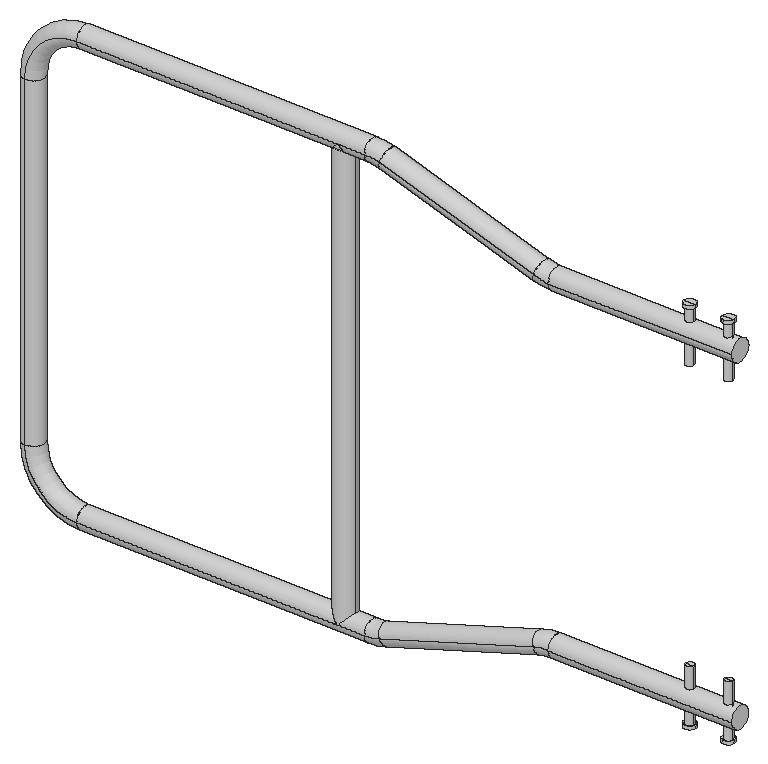
Revit family "EV_INNER PLATFORM HANDRAIL_1908905", category Modelos genéricos, Revit 2018
Family settings
  Puede alojar armadura = No
  Cota de conector redondo = Diámetro de uso
  Tipo de pieza = Normal
  Número OmniClass = 35.51.14.00
  Título OmniClass = FORMWORK
  Se basa en plano de trabajo = Sí
  Siempre vertical = No
  Corte con vacíos al cargar = No
  Compartido = Sí
  Punto de cálculo de habitación = No
Parameters
  VERSION = "20170217"  # constant formula
  URL = "www.ulmaconstruction.com/en"
  UNICLASS = ""
  Fabricante = "ULMA CONSTRUCTION"  # constant formula
  ITEM_CODE = "1908905"
  FILTER [instance] = ""
  Default Elevation = 0.000 mm
  CLASSIFICATION_TITLE = ""
  CLASSIFICATION_NUMBER = ""
Reference planes
  plane 1 "Centro (Frontal/Posterior)": y = 0
  plane 2: z = 0
  plane 3 "Centro (Izquierda/Derecha)": x = 0
Forms (mm)
  Sweep 1, solid, material "ULMA ZINC"
    path in 3D
      loop
        line (18, 0, -536) -> (-266.5, 0, -536)
        arc (-266.5, 0, -536) -> (-278.2, 0, -536.86) -> (-289.648, 0, -539.422) r 80
        line (-289.648, 0, -539.422) -> (-528.352, 0, -611.578)
        arc (-528.352, 0, -611.578) -> (-539.8, 0, -614.14) -> (-551.5, 0, -615) r 80
        line (-551.5, 0, -615) -> (-997.5, 0, -615)
        arc (-997.5, 0, -615) -> (-1054.069, 0, -591.569) -> (-1077.5, 0, -535) r 80
        line (-1077.5, 0, -535) -> (-1077.5, 0, -27)
        arc (-1077.5, 0, -27) -> (-1054.069, 0, 29.569) -> (-997.5, 0, 53) r 80
        line (-997.5, 0, 53) -> (-551.5, 0, 53)
        arc (-551.5, 0, 53) -> (-539.8, 0, 52.14) -> (-528.352, 0, 49.578) r 80
        line (-528.352, 0, 49.578) -> (-289.648, 0, -22.578)
        arc (-289.648, 0, -22.578) -> (-278.2, 0, -25.14) -> (-266.5, 0, -26) r 80
        line (-266.5, 0, -26) -> (18, 0, -26)
    profile origin (-124.25, 0, -26) x (0, 0, 1) y (0, -1, 0)
      loop
        circle (0, 0) r 16
  Sweep 2, solid, material "ULMA ZINC"
    path in 3D
      loop
        line (-594, 0, -615) -> (-594, 0, 53)
    profile origin (-594, 0, -281) x (-1, 0, 0) y (0, -1, 0)
      loop
        circle (0, 0) r 16
  Revolve 3, solid, material "ULMA ZINC", detail levels fine
    sketch origin (0, 0, 0) x (1, 0, 0) y (0, 0, 1)
      loop
        line (0, 13) -> (-9, 13) -> (-9, 9) -> (-6, 9) -> (-6, -72) -> (0, -72) -> (0, 13)
      axis (0, 13) -> (0, -72)
    angle from 0 to 360
  Revolve 4, solid, material "ULMA ZINC", detail levels fine
    sketch origin (-60, 0, 0) x (1, 0, 0) y (0, 0, 1)
      loop
        line (0, 13) -> (-9, 13) -> (-9, 9) -> (-6, 9) -> (-6, -72) -> (0, -72) -> (0, 13)
      axis (0, 13) -> (0, -72)
    angle from 0 to 360
  Revolve 5, solid, material "ULMA ZINC", detail levels fine
    sketch origin (0, 0, -562) x (1, 0, 0) y (0, 0, -1)
      loop
        line (0, 13) -> (-9, 13) -> (-9, 9) -> (-6, 9) -> (-6, -72) -> (0, -72) -> (0, 13)
      axis (0, 13) -> (0, -72)
    angle from 0 to 360
  Revolve 6, solid, material "ULMA ZINC", detail levels fine
    sketch origin (-60, 0, -562) x (1, 0, 0) y (0, 0, -1)
      loop
        line (0, 13) -> (-9, 13) -> (-9, 9) -> (-6, 9) -> (-6, -72) -> (0, -72) -> (0, 13)
      axis (0, 13) -> (0, -72)
    angle from 0 to 360
Lines and regions (mm)
  sketch lines
    curve 1: line (-266.5, 0, -26) -> (18, 0, -26)
    curve 2: arc (-289.648, 0, -22.578) -> (-278.2, 0, -25.14) -> (-266.5, 0, -26) r 80
    curve 3: line (-528.352, 0, 49.578) -> (-289.648, 0, -22.578)
    curve 4: arc (-551.5, 0, 53) -> (-539.8, 0, 52.14) -> (-528.352, 0, 49.578) r 80
    curve 5: line (-551.5, 0, 53) -> (-997.5, 0, 53)
    curve 6: arc (-1077.5, 0, -27) -> (-1054.069, 0, 29.569) -> (-997.5, 0, 53) r 80
    curve 7: line (-1077.5, 0, -535) -> (-1077.5, 0, -27)
    curve 8: arc (-997.5, 0, -615) -> (-1054.069, 0, -591.569) -> (-1077.5, 0, -535) r 80
    curve 9: line (-997.5, 0, -615) -> (-551.5, 0, -615)
    curve 10: arc (-551.5, 0, -615) -> (-539.8, 0, -614.14) -> (-528.352, 0, -611.578) r 80
    curve 11: line (-528.352, 0, -611.578) -> (-289.648, 0, -539.422)
    curve 12: arc (-289.648, 0, -539.422) -> (-278.2, 0, -536.86) -> (-266.5, 0, -536) r 80
    curve 13: line (-266.5, 0, -536) -> (18, 0, -536)
    curve 14: line (-594, 0, -615) -> (-594, 0, 53)
Dimensions and locks
  aligned and locked: level to plane 2
